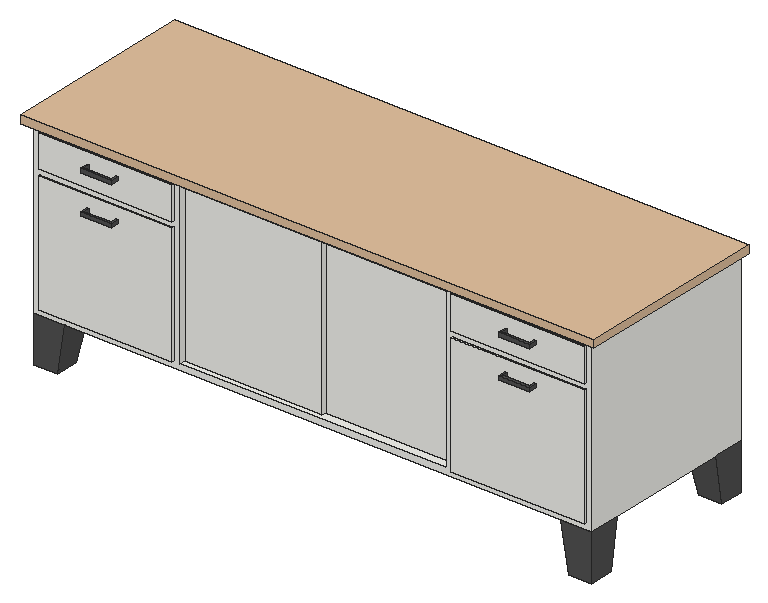
Revit family "Credenza", category Furniture, Revit 2018
Family settings
  OmniClass Number = 23.40.20.24.17
  OmniClass Title = Sideboards
  Work Plane-Based = No
  Always vertical = Yes
  Cut with Voids When Loaded = No
  Shared = Yes
  Room Calculation Point = No
Parameters (values of type "72" x 24"")
  Assembly Code = "E2020200"
  Depth = 2' - 0"
  Body Material = Laminate, Ivory, Matte
  Handles/Legs Material = Steel, Chrome Plated
  Top Material = Cherry
  Height = 2' - 5"
  Width = 6' - 0"
Types (3): name | Width
  (no name) | 6' - 0"
  72" x 24" | 6' - 0"
  60" x 24" | 5' - 0"
Reference planes (in)
  plane 1 "Center (Front/Back)": y = 0.18033
  plane 2: z = 0
  plane 3 "Center (Left/Right)": x = 2.34426
  plane 4 "Back": y = 12.18033
  plane 5 "Front": y = -11.81967
  plane 6 "Right": x = 38.34426
  plane 7 "Left": x = -33.65574
  plane 8 "Top": z = 29
  plane 9: z = 6
  plane 10: x = -15.65574
  plane 11: x = 20.34426
  plane 12: y = -12.06967
  plane 13: y = 11.43033
  plane 14: x = 29.34426
  plane 15: z = 25.75344
  plane 16: z = 20.75
  plane 17: x = 27.34426
  plane 18: x = -24.65574
  plane 19: z = 25.75
  plane 20: z = 20.75
Forms (in)
  Extrusion 1, solid, material "Cherry" <- "Top Material"
    sketch origin (0, 0, 0) x (1, 0, 0) y (0, 1, 0)
      loop
        line (-34.65574, 12.18033) -> (-34.65574, -12.81967) -> (39.34426, -12.81967) -> (39.34426, 12.18033) -> (-34.65574, 12.18033)
    from 28 to 29
  Extrusion 2, solid, material "Laminate, Ivory, Matte" <- "Body Material"
    sketch origin (0, 0, 0) x (1, 0, 0) y (0, 1, 0)
      loop
        line (-33.65574, 12.18033) -> (-33.65574, -11.81967) -> (38.34426, -11.81967) -> (38.34426, 12.18033) -> (-33.65574, 12.18033)
    from 6 to 28
  Blend 3, solid, material "Steel, Chrome Plated" <- "Handles/Legs Material"
    base sketch origin (-33.65574, 24.18033, 0) x (1, 0, 0) y (0, 1, 0)
      loop
        line (72, -36) -> (72, -33) -> (69, -33) -> (69, -36) -> (72, -36)
    top sketch origin (-33.65574, 24.18033, 0) x (1, 0, 0) y (0, 1, 0)
      loop
        line (72, -36) -> (72, -32) -> (68, -32) -> (68, -36) -> (72, -36)
    from 0 to 6
  Blend 4, solid, material "Steel, Chrome Plated" <- "Handles/Legs Material"
    base sketch origin (38.34426, -23.81967, 0) x (-1, 0, 0) y (0, -1, 0)
      loop
        line (72, -36) -> (72, -33) -> (69, -33) -> (69, -36) -> (72, -36)
    top sketch origin (38.34426, -23.81967, 0) x (-1, 0, 0) y (0, -1, 0)
      loop
        line (72, -36) -> (72, -32) -> (68, -32) -> (68, -36) -> (72, -36)
    from 0 to 6
  Blend 5, solid, material "Steel, Chrome Plated" <- "Handles/Legs Material"
    base sketch origin (38.34426, 24.18033, 0) x (-1, 0, 0) y (0, -1, 0)
      loop
        line (72, 36) -> (69, 36) -> (69, 33) -> (72, 33) -> (72, 36)
    top sketch origin (38.34426, 24.18033, 0) x (-1, 0, 0) y (0, -1, 0)
      loop
        line (72, 36) -> (68, 36) -> (68, 32) -> (72, 32) -> (72, 36)
    from 0 to 6
  Extrusion 6, solid, material "Laminate, Ivory, Matte" <- "Body Material"
    sketch origin (45, 12.18033, 0) x (1, 0, 0) y (0, 0, 1)
      loop
        line (-77.90574, 27.25) -> (-77.90574, 23) -> (-60.65574, 23) -> (-60.65574, 27.25) -> (-77.90574, 27.25)
      loop
        line (-60.65574, 6.75) -> (-60.65574, 22.25) -> (-77.90574, 22.25) -> (-77.90574, 6.75) -> (-60.65574, 6.75)
    from 24 to 24.25
  Extrusion 7, solid, material "Laminate, Ivory, Matte" <- "Body Material"
    sketch origin (45, 12.18033, 0) x (1, 0, 0) y (0, 0, 1)
      loop
        line (-24.65574, 27.25) -> (-24.65574, 23) -> (-7.40574, 23) -> (-7.40574, 27.25) -> (-24.65574, 27.25)
      loop
        line (-7.40574, 6.75) -> (-7.40574, 22.25) -> (-24.65574, 22.25) -> (-24.65574, 6.75) -> (-7.40574, 6.75)
    from 24 to 24.25
  Blend 8, solid, material "Steel, Chrome Plated" <- "Handles/Legs Material"
    base sketch origin (-33.65574, -23.81967, 0) x (1, 0, 0) y (0, 1, 0)
      loop
        line (72, 36) -> (69, 36) -> (69, 33) -> (72, 33) -> (72, 36)
    top sketch origin (-33.65574, -23.81967, 0) x (1, 0, 0) y (0, 1, 0)
      loop
        line (72, 36) -> (68, 36) -> (68, 32) -> (72, 32) -> (72, 36)
    from 0 to 6
  Extrusion 9, void
    sketch origin (45, 12.18033, 0) x (1, 0, 0) y (0, 0, 1)
      loop
        line (-59.90574, 27.25) -> (-59.90574, 6.75) -> (-25.40574, 6.75) -> (-25.40574, 27.25) -> (-59.90574, 27.25)
    from 0.75 to 24
  Extrusion 10, solid, material "Laminate, Ivory, Matte" <- "Body Material"
    sketch origin (45, 12.18033, 0) x (1, 0, 0) y (0, 0, 1)
      loop
        line (-42.10136, 27.25) -> (-59.90574, 27.25) -> (-59.90574, 6.75) -> (-42.10136, 6.75) -> (-42.10136, 27.25)
    from 22.70283 to 23.20283
  Extrusion 11, solid, material "Laminate, Ivory, Matte" <- "Body Material"
    sketch origin (1.3389, -11.81967, 0) x (1, 0, 0) y (0, 0, 1)
      loop
        line (19.59426, 27.25) -> (0.50536, 27.25) -> (0.50536, 6.75) -> (19.59426, 6.75) -> (19.59426, 27.25)
    from -1.79717 to -1.29717
  Sweep 12, solid, material "Steel, Chrome Plated" <- "Handles/Legs Material"
    path origin (0, 0, 0) x (1, 0, 0) y (0, 1, 0)
      loop
        line (27.34426, -12.06967) -> (27.34426, -13.06967) -> (31.34426, -13.06967) -> (31.34426, -12.06967)
    profile origin (0, -12.56967, 0) x (1, 0, 0) y (0, 0, 1)
      loop
        line (27.34426, 25.75344) -> (27.34426, 25.25344) -> (27.59426, 25.25344) -> (27.59426, 25.75344) -> (27.34426, 25.75344)
      loop
        line (27.34426, 20.75) -> (27.34426, 20.25) -> (27.59426, 20.25) -> (27.59426, 20.75) -> (27.34426, 20.75)
  Sweep 13, solid, material "Steel, Chrome Plated" <- "Handles/Legs Material"
    path origin (0, 0, 0) x (1, 0, 0) y (0, 1, 0)
      loop
        line (-26.65574, -12.06967) -> (-26.65574, -13.06967) -> (-22.65574, -13.06967) -> (-22.65574, -12.06967)
    profile origin (0, -12.56967, 0) x (1, 0, 0) y (0, 0, 1)
      loop
        line (-26.65574, 20.75) -> (-26.65574, 20.25) -> (-26.40574, 20.25) -> (-26.40574, 20.75) -> (-26.65574, 20.75)
      loop
        line (-26.65574, 25.75) -> (-26.65574, 25.25) -> (-26.40574, 25.25) -> (-26.40574, 25.75) -> (-26.65574, 25.75)
Cuts and joins
  Extrusion 9 cuts Extrusion 1
  Extrusion 9 cuts Extrusion 2
  Extrusion 9 cuts Blend 3
  Extrusion 9 cuts Blend 4
  Extrusion 9 cuts Blend 5
  Extrusion 9 cuts Extrusion 6
  Extrusion 9 cuts Extrusion 7
  Extrusion 9 cuts Blend 8
Lines and regions (in)
  Masking region 1
    outline origin (0, 0, 0) x (1, 0, 0) y (0, 1, 0)
      loop
        line (-33.65574, 12.18033) -> (-33.65574, -11.81967) -> (38.34426, -11.81967) -> (38.34426, 12.18033) -> (-33.65574, 12.18033)
Dimensions and locks (in)
  equal spacing: plane 7 "Left", plane 3 "Center (Left/Right)", plane 6 "Right"
  equal spacing: plane 5 "Front", plane 1 "Center (Front/Back)", plane 4 "Back"
  "Width": plane 7 "Left" to plane 6 "Right"
  "Depth": plane 5 "Front" to plane 4 "Back"
  "Height": plane 8 "Top" to plane 2
  locked: Extrusion 1 to Extrusion 1 at 1
  locked: plane 9 to plane 2 at 6
  equal spacing: plane 7 "Left", plane 10, plane 3 "Center (Left/Right)"
  equal spacing: plane 6 "Right", plane 11, plane 3 "Center (Left/Right)"
  plane 12 to plane 5 "Front" = 0' - 0 1/4"
  Extrusion 1 to Extrusion 6 sketch curve = 0' - 0 3/4"
  equal spacing: plane 11, plane 14, plane 6 "Right"
  equal spacing: plane 7 "Left", plane 18, plane 10
  aligned and locked: Extrusion 1 to plane 8 "Top"
  aligned and locked: Extrusion 2 to Extrusion 1
  aligned and locked: plane 6 "Right" to Extrusion 2 sketch curve
  aligned and locked: Extrusion 2 sketch curve to plane 5 "Front"
  aligned and locked: plane 4 "Back" to Extrusion 1 sketch curve
  aligned and locked: Extrusion 6 to plane 5 "Front"
  aligned and locked: Extrusion 6 to plane 12
  aligned and locked: plane 5 "Front" to Extrusion 9
  aligned and locked: plane 13 to Extrusion 9
  aligned and locked: Extrusion 11 to Extrusion 10
  aligned and locked: plane 4 "Back" to Masking region 1 sketch curve
  aligned and locked: Masking region 1 sketch curve to plane 7 "Left"
  aligned and locked: plane 6 "Right" to Masking region 1 sketch curve
  aligned and locked: Masking region 1 sketch curve to plane 5 "Front"
Automatic sketch dimensions
  Blend 3 sketch curve to plane 5 "Front" = 0' - 0"  (x2)
  Blend 3 sketch curve to plane 6 "Right" = 0' - 0"  (x2)
  Blend 3 sketch curve to Blend 3 sketch curve = 0' - 3"  (x2)
  Blend 3 sketch curve to Blend 3 sketch curve = 0' - 4"  (x2)
  Blend 4 sketch curve to plane 4 "Back" = 0' - 0"  (x2)
  Blend 4 sketch curve to plane 7 "Left" = 0' - 0"  (x2)
  Blend 4 sketch curve to Blend 4 sketch curve = 0' - 3"  (x2)
  Blend 4 sketch curve to Blend 4 sketch curve = 0' - 4"  (x2)
  Blend 5 sketch curve to plane 5 "Front" = 0' - 0"  (x2)
  Blend 5 sketch curve to plane 7 "Left" = 0' - 0"  (x2)
  Blend 5 sketch curve to Blend 5 sketch curve = 0' - 3"  (x2)
  Blend 5 sketch curve to Blend 5 sketch curve = 0' - 4"  (x2)
  plane 5 "Front" to Extrusion 1 sketch curve = 0' - 1"
  plane 7 "Left" to Extrusion 1 sketch curve = 0' - 1"
  Extrusion 1 sketch curve to plane 6 "Right" = 0' - 1"
  Blend 8 sketch curve to plane 4 "Back" = 0' - 0"  (x2)
  Blend 8 sketch curve to plane 6 "Right" = 0' - 0"  (x2)
  Blend 8 sketch curve to Blend 8 sketch curve = 0' - 3"  (x2)
  Blend 8 sketch curve to Blend 8 sketch curve = 0' - 4"  (x2)
  Extrusion 9 sketch curve to plane 10 = 0' - 0 3/4"
  plane 11 to Extrusion 9 sketch curve = 0' - 0 3/4"
  Extrusion 9 sketch curve to plane 9 = 0' - 0 3/4"
  plane 8 "Top" to Extrusion 9 sketch curve = 0' - 1 3/4"
  plane 3 "Center (Left/Right)" to Extrusion 10 sketch curve = 0' - 0.55438"
  Extrusion 10 sketch curve to plane 9 = 0' - 0 3/4"
  Extrusion 10 sketch curve to plane 10 = 0' - 0 3/4"
  plane 8 "Top" to Extrusion 10 sketch curve = 0' - 1 3/4"
  Extrusion 11 sketch curve to plane 3 "Center (Left/Right)" = 0' - 0 1/2"
  Extrusion 11 sketch curve to plane 9 = 0' - 0 3/4"
  Extrusion 11 sketch curve to plane 11 = 0' - 0.5889"
  plane 8 "Top" to Extrusion 11 sketch curve = 0' - 1 3/4"
  Extrusion 7 sketch curve to plane 11 = 0' - 0"  (x2)
  plane 6 "Right" to Extrusion 7 sketch curve = 0' - 0 3/4"  (x2)
  Extrusion 7 sketch curve to plane 9 = 0' - 0 3/4"
  Extrusion 7 sketch curve to Extrusion 7 sketch curve = 1' - 3 1/2"
  Extrusion 7 sketch curve to Extrusion 7 sketch curve = 0' - 0 3/4"
  plane 8 "Top" to Extrusion 7 sketch curve = 0' - 1 3/4"
  Extrusion 6 sketch curve to plane 10 = 0' - 0"  (x2)
  Extrusion 6 sketch curve to plane 7 "Left" = 0' - 0 3/4"
  Extrusion 6 sketch curve to Extrusion 6 sketch curve = 0' - 0"
  Extrusion 6 sketch curve to Extrusion 6 sketch curve = 0' - 4 1/4"
  Extrusion 6 sketch curve to Extrusion 6 sketch curve = 0' - 0 3/4"
  Extrusion 6 sketch curve to plane 9 = 0' - 0 3/4"
  Sweep 12 sketch curve to plane 12 = 0' - 0"  (x2)
  Sweep 12 sketch curve to plane 12 = 0' - 1"
  Sweep 12 sketch curve to plane 14 = 0' - 2"
  plane 14 to Sweep 12 sketch curve = 0' - 2"
  Sweep 12 sketch curve to profile plane = 0' - 0"  (x2)
  Sweep 12 sketch curve to plane 16 = 0' - 0"
  Sweep 12 sketch curve to plane 15 = 0' - 0"
  Sweep 12 sketch curve to profile plane = 0' - 0 1/4"  (x2)
  plane 16 to Sweep 12 sketch curve = 0' - 0 1/2"
  plane 15 to Sweep 12 sketch curve = 0' - 0 1/2"
  Sweep 13 sketch curve to plane 12 = 0' - 0"  (x2)
  Sweep 13 sketch curve to plane 12 = 0' - 1"
  Sweep 13 sketch curve to plane 18 = 0' - 2"
  plane 18 to Sweep 13 sketch curve = 0' - 2"
  Sweep 13 sketch curve to profile plane = 0' - 0"  (x2)
  Sweep 13 sketch curve to plane 19 = 0' - 0"
  Sweep 13 sketch curve to plane 20 = 0' - 0"
  Sweep 13 sketch curve to profile plane = 0' - 0 1/4"  (x2)
  plane 20 to Sweep 13 sketch curve = 0' - 0 1/2"
  Sweep 13 sketch curve to Sweep 13 sketch curve = 0' - 0 1/2"
  Extrusion 2 sketch curve to plane 7 "Left" = 0' - 0"
  Extrusion 2 sketch curve to plane 4 "Back" = 0' - 0"
